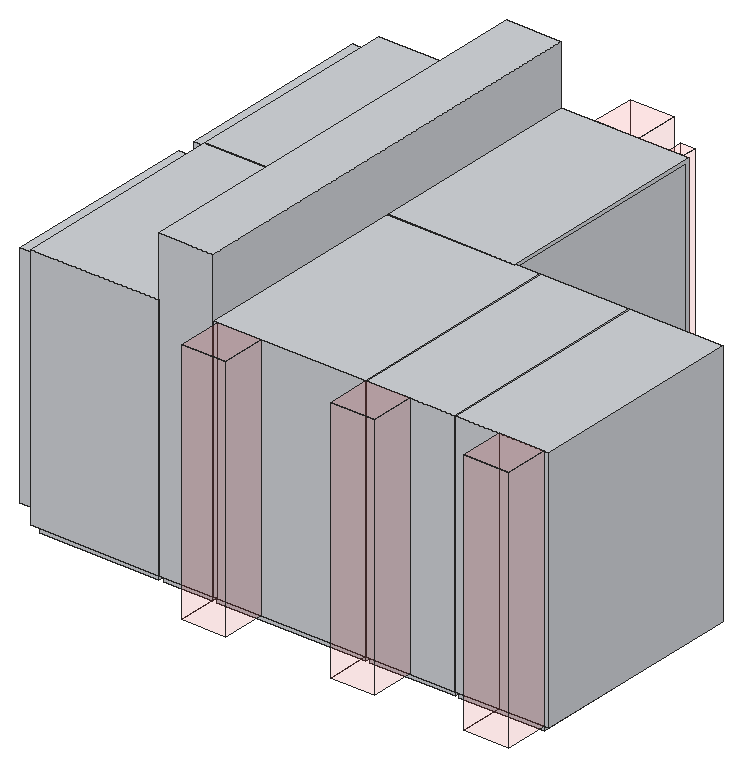
Revit family "Metric WinTADS Template 5", category Mechanical Equipment, Revit 2017
Family settings
  Round Connector Dimension = Use Diameter
  Part Type = Normal
  OmniClass Number = 23.75.00.00
  OmniClass Title = Climate Control (HVAC)
  Work Plane-Based = No
  Always vertical = Yes
  Cut with Voids When Loaded = No
  Shared = No
  Room Calculation Point = No
Parameters
  Mass = 4534.08 kg
Reference planes
  plane 1 "Center (Front/Back)": y = 0
  plane 2: z = 0
  plane 3 "Center (Left/Right)": x = 0
Forms (mm)
  Extrusion 1, solid
    sketch origin (0, 0, 0) x (1, 0, 0) y (0, 1, 0)
      loop
        line (-200, 4576) -> (-200, 2438) -> (0, 2438) -> (0, 4576) -> (-200, 4576)
    from 100 to 2558
  Extrusion 2, solid
    sketch origin (0, 0, 0) x (1, 0, 0) y (0, 1, 0)
      loop
        line (3333.543, 4627) -> (3333.543, 2387) -> (3334.457, 2387) -> (3334.457, 4627) -> (3333.543, 4627)
    from 49 to 2609
  Extrusion 3, solid
    sketch origin (0, 0, 0) x (1, 0, 0) y (0, 1, 0)
      loop
        line (130, 2497) -> (130, 2387) -> (828, 2387) -> (828, 2497) -> (130, 2497)
    from 128 to 2530
  Extrusion 4, solid
    sketch origin (0, 0, 0) x (1, 0, 0) y (0, 1, 0)
      loop
        line (0, 4676) -> (0, 2338) -> (1378, 2338) -> (1378, 4676) -> (0, 4676)
    from 0 to 2658
  Extrusion 5, solid
    sketch origin (0, 0, 0) x (1, 0, 0) y (0, 1, 0)
      loop
        line (0, 2338) -> (0, 0) -> (1378, 0) -> (1378, 2338) -> (0, 2338)
    from 0 to 2658
  Extrusion 6, solid
    sketch origin (0, 0, 0) x (1, 0, 0) y (0, 1, 0)
      loop
        line (1378, 4676) -> (1378, 0) -> (1956, 0) -> (1956, 4676) -> (1378, 4676)
    from 0 to 3298
  Extrusion 7, solid
    sketch origin (0, 0, 0) x (1, 0, 0) y (0, 1, 0)
      loop
        line (1956, 4676) -> (1956, 2338) -> (3334, 2338) -> (3334, 4676) -> (1956, 4676)
    from 0 to 2658
  Extrusion 8, solid
    sketch origin (0, 0, 0) x (1, 0, 0) y (0, 1, 0)
      loop
        line (1956, 2338) -> (1956, 0) -> (3605, 0) -> (3605, 2338) -> (1956, 2338)
    from 0 to 2658
  Extrusion 9, solid
    sketch origin (0, 0, 0) x (1, 0, 0) y (0, 1, 0)
      loop
        line (3605, 2338) -> (3605, 0) -> (4565, 0) -> (4565, 2338) -> (3605, 2338)
    from 0 to 2658
  Extrusion 10, solid
    sketch origin (0, 0, 0) x (1, 0, 0) y (0, 1, 0)
      loop
        line (-200, 2238) -> (-200, 100) -> (0, 100) -> (0, 2238) -> (-200, 2238)
    from 100 to 2558
  Extrusion 11, solid
    sketch origin (0, 0, 0) x (1, 0, 0) y (0, 1, 0)
      loop
        line (5524.543, 2289) -> (5524.543, 49) -> (5525.457, 49) -> (5525.457, 2289) -> (5524.543, 2289)
    from 49 to 2609
  Extrusion 12, solid
    sketch origin (0, 0, 0) x (1, 0, 0) y (0, 1, 0)
      loop
        line (4565, 2338) -> (4565, 0) -> (5574, 0) -> (5574, 2338) -> (4565, 2338)
    from 0 to 2658
  Extrusion 13, solid
    sketch origin (0, 0, 0) x (1, 0, 0) y (0, 1, 0)
      loop
        line (20, 2413.5) -> (20, 2364.5) -> (1309, 2364.5) -> (1309, 2413.5) -> (20, 2413.5)
    from -62 to 0
  Extrusion 14, solid
    sketch origin (0, 0, 0) x (1, 0, 0) y (0, 1, 0)
      loop
        line (20, 4649.5) -> (20, 4600.5) -> (1309, 4600.5) -> (1309, 4649.5) -> (20, 4649.5)
    from -62 to 0
  Extrusion 15, solid
    sketch origin (0, 0, 0) x (1, 0, 0) y (0, 1, 0)
      loop
        line (20, 4600.5) -> (20, 2413.5) -> (69, 2413.5) -> (69, 4600.5) -> (20, 4600.5)
    from -62 to 0
  Extrusion 16, solid
    sketch origin (0, 0, 0) x (1, 0, 0) y (0, 1, 0)
      loop
        line (1260, 4600.5) -> (1260, 2413.5) -> (1309, 2413.5) -> (1309, 4600.5) -> (1260, 4600.5)
    from -62 to 0
  Extrusion 17, solid
    sketch origin (0, 0, 0) x (1, 0, 0) y (0, 1, 0)
      loop
        line (69, 75.5) -> (69, 26.5) -> (1358, 26.5) -> (1358, 75.5) -> (69, 75.5)
    from -62 to 0
  Extrusion 18, solid
    sketch origin (0, 0, 0) x (1, 0, 0) y (0, 1, 0)
      loop
        line (69, 2311.5) -> (69, 2262.5) -> (1358, 2262.5) -> (1358, 2311.5) -> (69, 2311.5)
    from -62 to 0
  Extrusion 19, solid
    sketch origin (0, 0, 0) x (1, 0, 0) y (0, 1, 0)
      loop
        line (69, 2262.5) -> (69, 75.5) -> (118, 75.5) -> (118, 2262.5) -> (69, 2262.5)
    from -62 to 0
  Extrusion 20, solid
    sketch origin (0, 0, 0) x (1, 0, 0) y (0, 1, 0)
      loop
        line (1309, 2262.5) -> (1309, 75.5) -> (1358, 75.5) -> (1358, 2262.5) -> (1309, 2262.5)
    from -62 to 0
  Extrusion 21, solid
    sketch origin (0, 0, 0) x (1, 0, 0) y (0, 1, 0)
      loop
        line (1404, 75.5) -> (1404, 26.5) -> (1930, 26.5) -> (1930, 75.5) -> (1404, 75.5)
    from -62 to 0
  Extrusion 22, solid
    sketch origin (0, 0, 0) x (1, 0, 0) y (0, 1, 0)
      loop
        line (1404, 4649.5) -> (1404, 4600.5) -> (1930, 4600.5) -> (1930, 4649.5) -> (1404, 4649.5)
    from -62 to 0
  Extrusion 23, solid
    sketch origin (0, 0, 0) x (1, 0, 0) y (0, 1, 0)
      loop
        line (1404, 4600.5) -> (1404, 75.5) -> (1453, 75.5) -> (1453, 4600.5) -> (1404, 4600.5)
    from -62 to 0
  Extrusion 24, solid, material "Clearance Zones"
    sketch origin (0, 0, 0) x (1, 0, 0) y (0, 1, 0)
      loop
        line (3125, 4836) -> (3125, 4676) -> (3285, 4676) -> (3285, 4836) -> (3125, 4836)
    from 0 to 2658
  Extrusion 25, solid, material "Clearance Zones"
    sketch origin (0, 0, 0) x (1, 0, 0) y (0, 1, 0)
      loop
        line (2325, 5156) -> (2325, 4676) -> (2805, 4676) -> (2805, 5156) -> (2325, 5156)
    from 0 to 2658
  Extrusion 26, solid, material "Clearance Zones"
    sketch origin (0, 0, 0) x (1, 0, 0) y (0, 1, 0)
      loop
        line (2005, 0) -> (2005, -480) -> (2485, -480) -> (2485, 0) -> (2005, 0)
    from 0 to 2658
  Extrusion 27, solid, material "Clearance Zones"
    sketch origin (0, 0, 0) x (1, 0, 0) y (0, 1, 0)
      loop
        line (3605, 0) -> (3605, -480) -> (4085, -480) -> (4085, 0) -> (3605, 0)
    from 0 to 2658
  Extrusion 28, solid, material "Clearance Zones"
    sketch origin (0, 0, 0) x (1, 0, 0) y (0, 1, 0)
      loop
        line (5045, 0) -> (5045, -480) -> (5525, -480) -> (5525, 0) -> (5045, 0)
    from 0 to 2658
  Extrusion 29, solid
    sketch origin (0, 0, 0) x (1, 0, 0) y (0, 1, 0)
      loop
        line (1881, 4600.5) -> (1881, 75.5) -> (1930, 75.5) -> (1930, 4600.5) -> (1881, 4600.5)
    from -62 to 0
  Extrusion 30, solid
    sketch origin (0, 0, 0) x (1, 0, 0) y (0, 1, 0)
      loop
        line (2025, 2413.5) -> (2025, 2364.5) -> (3314, 2364.5) -> (3314, 2413.5) -> (2025, 2413.5)
    from -62 to 0
  Extrusion 31, solid
    sketch origin (0, 0, 0) x (1, 0, 0) y (0, 1, 0)
      loop
        line (2025, 4649.5) -> (2025, 4600.5) -> (3314, 4600.5) -> (3314, 4649.5) -> (2025, 4649.5)
    from -62 to 0
  Extrusion 32, solid
    sketch origin (0, 0, 0) x (1, 0, 0) y (0, 1, 0)
      loop
        line (2025, 4600.5) -> (2025, 2413.5) -> (2074, 2413.5) -> (2074, 4600.5) -> (2025, 4600.5)
    from -62 to 0
  Extrusion 33, solid
    sketch origin (0, 0, 0) x (1, 0, 0) y (0, 1, 0)
      loop
        line (3265, 4600.5) -> (3265, 2413.5) -> (3314, 2413.5) -> (3314, 4600.5) -> (3265, 4600.5)
    from -62 to 0
  Extrusion 34, solid
    sketch origin (0, 0, 0) x (1, 0, 0) y (0, 1, 0)
      loop
        line (1976, 75.5) -> (1976, 26.5) -> (3585, 26.5) -> (3585, 75.5) -> (1976, 75.5)
    from -62 to 0
  Extrusion 35, solid
    sketch origin (0, 0, 0) x (1, 0, 0) y (0, 1, 0)
      loop
        line (1976, 2311.5) -> (1976, 2262.5) -> (3585, 2262.5) -> (3585, 2311.5) -> (1976, 2311.5)
    from -62 to 0
  Extrusion 36, solid
    sketch origin (0, 0, 0) x (1, 0, 0) y (0, 1, 0)
      loop
        line (1976, 2262.5) -> (1976, 75.5) -> (2025, 75.5) -> (2025, 2262.5) -> (1976, 2262.5)
    from -62 to 0
  Extrusion 37, solid
    sketch origin (0, 0, 0) x (1, 0, 0) y (0, 1, 0)
      loop
        line (3536, 2262.5) -> (3536, 75.5) -> (3585, 75.5) -> (3585, 2262.5) -> (3536, 2262.5)
    from -62 to 0
  Extrusion 38, solid
    sketch origin (0, 0, 0) x (1, 0, 0) y (0, 1, 0)
      loop
        line (3625, 75.5) -> (3625, 26.5) -> (4545, 26.5) -> (4545, 75.5) -> (3625, 75.5)
    from -62 to 0
  Extrusion 39, solid
    sketch origin (0, 0, 0) x (1, 0, 0) y (0, 1, 0)
      loop
        line (3625, 2311.5) -> (3625, 2262.5) -> (4545, 2262.5) -> (4545, 2311.5) -> (3625, 2311.5)
    from -62 to 0
  Extrusion 40, solid
    sketch origin (0, 0, 0) x (1, 0, 0) y (0, 1, 0)
      loop
        line (3625, 2262.5) -> (3625, 75.5) -> (3674, 75.5) -> (3674, 2262.5) -> (3625, 2262.5)
    from -62 to 0
  Extrusion 41, solid
    sketch origin (0, 0, 0) x (1, 0, 0) y (0, 1, 0)
      loop
        line (4496, 2262.5) -> (4496, 75.5) -> (4545, 75.5) -> (4545, 2262.5) -> (4496, 2262.5)
    from -62 to 0
  Extrusion 42, solid
    sketch origin (0, 0, 0) x (1, 0, 0) y (0, 1, 0)
      loop
        line (4585, 75.5) -> (4585, 26.5) -> (5505, 26.5) -> (5505, 75.5) -> (4585, 75.5)
    from -62 to 0
  Extrusion 43, solid
    sketch origin (0, 0, 0) x (1, 0, 0) y (0, 1, 0)
      loop
        line (4585, 2311.5) -> (4585, 2262.5) -> (5505, 2262.5) -> (5505, 2311.5) -> (4585, 2311.5)
    from -62 to 0
  Extrusion 44, solid
    sketch origin (0, 0, 0) x (1, 0, 0) y (0, 1, 0)
      loop
        line (4585, 2262.5) -> (4585, 75.5) -> (4634, 75.5) -> (4634, 2262.5) -> (4585, 2262.5)
    from -62 to 0
  Extrusion 45, solid
    sketch origin (0, 0, 0) x (1, 0, 0) y (0, 1, 0)
      loop
        line (5456, 2262.5) -> (5456, 75.5) -> (5505, 75.5) -> (5505, 2262.5) -> (5456, 2262.5)
    from -62 to 0
Dimensions and locks
  aligned and locked: level to plane 2
Connectors
  hvac at (479, 2497, 1329)
    settings: on Extrusion 3, index 27, duct flow 9722.22 L/s, flow factor 0, pres drop 21.2502 Pa, loss coef 0, conn angle 0.00°, conn width 698 mm, conn height 2402 mm, conn diameter 609.6 mm, duct sys type 1, conn prof type 1, flow config 0, flow direction 1, loss method 4, conn ref index -1, conn util no, is conn primary no, conn desc ""
  hvac at (3334.457, 3507, 1329)
    settings: on Extrusion 2, index 31, duct flow 9722.22 L/s, flow factor 0, pres drop 2.0 Pa, loss coef 0, conn angle 0.00°, conn width 2240 mm, conn height 2560 mm, conn diameter 609.6 mm, duct sys type 3, conn prof type 1, flow config 0, flow direction 1, loss method 4, conn ref index -1, conn util no, is conn primary no, conn desc ""
  hvac at (-200, 3507, 1329)
    settings: on Extrusion 1, index 35, duct flow 9722.22 L/s, flow factor 0, pres drop 2.2806 Pa, loss coef 0, conn angle 0.00°, conn width 2138 mm, conn height 2458 mm, conn diameter 609.6 mm, duct sys type 3, conn prof type 1, flow config 0, flow direction 2, loss method 4, conn ref index -1, conn util no, is conn primary no, conn desc ""
  hvac at (-200, 1169, 1329)
    settings: on Extrusion 10, index 88, duct flow 9722.22 L/s, flow factor 0, pres drop 2.2806 Pa, loss coef 0, conn angle 0.00°, conn width 2138 mm, conn height 2458 mm, conn diameter 609.6 mm, duct sys type 1, conn prof type 1, flow config 0, flow direction 1, loss method 4, conn ref index -1, conn util no, is conn primary no, conn desc ""
  hvac at (5525.457, 1169, 1329)
    settings: on Extrusion 11, index 96, duct flow 9722.22 L/s, flow factor 0, pres drop 2.0 Pa, loss coef 0, conn angle 0.00°, conn width 2240 mm, conn height 2560 mm, conn diameter 609.6 mm, duct sys type 1, conn prof type 1, flow config 0, flow direction 2, loss method 4, conn ref index -1, conn util no, is conn primary no, conn desc ""
